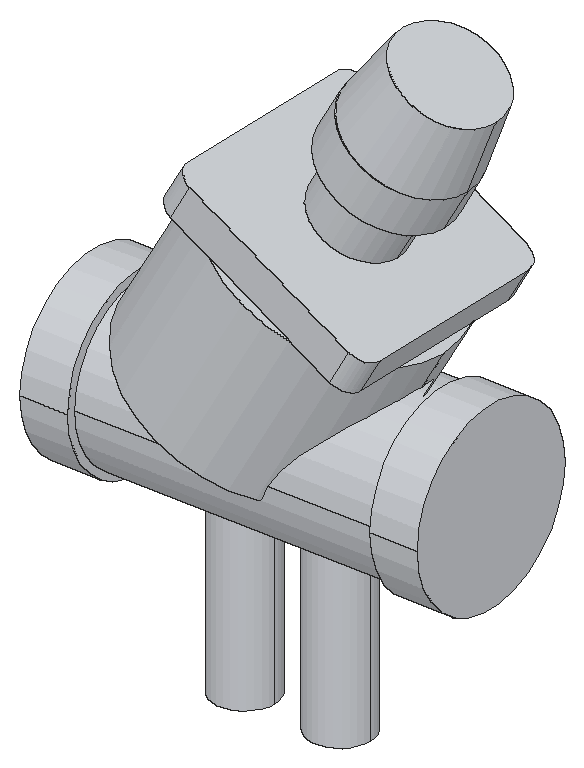
Revit family "OPTIMA_Compact_Plus_MM_DN32_5,5_RFA_2018", category Pipe Accessories, Revit 2018
Family settings
  Round Connector Dimension = Use Diameter
  Part Type = Valve - Breaks Into
  Work Plane-Based = No
  Always vertical = Yes
  Cut with Voids When Loaded = No
  Shared = No
Parameters (values of type "OPTIMA Compact Plus DN32 M-M 5.5mm")
  magiProductId = "ffa5e363716249e69711c5a01860df"
  magiProductFamilyId = "3f7bf62c6d3e4202b9bf465282540d"
  magiPartTypeId = 304
  isMeasuringValve [instance] = no
  ang2D [instance] = 0.00°
  Z = 1 mm
  X = 13 mm
  W2D = 32 mm
  VersionID = "2.0/2018.8.28.1/FRESE_OPTIMA-COMPACT-MM_001"
  Use Minimum Symbol Size [instance] = yes
  URL = "www.hydronic.cz"
  Type Comments = "vnější závit; PN25; 0~120°C, s měřením"
  R9 = 8 mm
  R8 = 14 mm
  R7 = 17 mm
  R6 = 12 mm
  R5 = 5 mm
  R4 = 29 mm
  R3 = 31.5 mm
  R2 = 22 mm
  R1 = 24 mm
  QmdConnectorList = "301;D;302;D"
  Productdata [instance] = ""
  PLG0 = yes
  Manufacturer = "Hydronic Systems Prague s.r.o."
  MC Product Code = "53-1333  (6/4\" M-M; 5.5mm; Qmin-dpmin 550l/h-17.9kPa; Qmax-dpmin 4001l/h-28.0kPa; dpmax 800kPa)"
  MC Piping Given Pressure Drop [instance] = 0.0 Pa
  LL = 52 mm
  L3 = 12.5 mm
  L2D_Min = 3048 mm
  L2D = 104 mm
  L2 = 79.04 mm
  L1__ve = -L1  # -12.48 mm
  L1 = 12.48 mm
  H6__ve = -H6  # -66 mm
  H6 = 66 mm
  H5 = 20 mm
  H4 = 12 mm
  H3 = 16 mm
  H2 = 10 mm
  H1 = 46 mm
  Description = "Tlakově nezávislý 2-cestný regulační vyvažovací ventil (PICV)"
  D = 32 mm
  A = 30.00°
Types (8, lengths in mm): name | magiProductId | Z | X | R4 | R3 | R2 | R1 | MC Product Code | LL | L3 | L2 | L1__ve | L1 | H6__ve | H6 | H5 | H3 | H2 | H1 | D
  OPTIMA Compact Plus DN32 M-M 5.5mm | "ffa5e363716249e69711c5a01860df" | 1 | 13 | 29 | 31.5 | 22 | 24 | "53-1333  (6/4\" M-M; 5.5mm; Qmin-dpmin 550l/h-17.9kPa; Qmax-dpmin 4001l/h-28.0kPa; dpmax 800kPa)" | 52 | 12.5 | 79.04 | -12.48 | 12.48 | -66 | 66 | 20 | 16 | 10 | 46 | 32
  OPTIMA Compact Plus DN15 M-M 2.5mm | "744f5c1a8b784a0caf7e95e8856504" | 0 | 7 | 19 | 19 | 12 | 13 | "53-1324  (3/4\" M-M; 2.5mm; Qmin-dpmin 100l/h-14.9kPa; Qmax-dpmin 575l/h-18.5kPa; dpmax 800kPa)" | 32.5 | 11 | 49.4 | -7.8 | 7.8 | -55 | 55 | 20 | 18 | 8 | 26 | 15
  OPTIMA Compact Plus DN15 M-M 5.0mm | "cc68fe6008154c3392e26a3dfeb2d1" | 0 | 7 | 19 | 19 | 12 | 13 | "53-1325  (3/4\" M-M; 5.0mm; Qmin-dpmin 220l/h-16.0kPa; Qmax-dpmin 1330l/h-21.6kPa; dpmax 800kPa)" | 32.5 | 11 | 49.4 | -7.8 | 7.8 | -55 | 55 | 20 | 18 | 8 | 26 | 15
  OPTIMA Compact Plus DN20 M-M 5.0mm | "af4b706c92c34122b2cf0a056ee45d" | 0 | 10 | 19 | 19 | 13.5 | 16.5 | "53-1328  (1\" M-M; 5.0mm; Qmin-dpmin 220l/h-16.0kPa; Qmax-dpmin 1330l/h-21.6kPa; dpmax 800kPa)" | 35 | 11 | 53.2 | -8.4 | 8.4 | -58.5 | 58.5 | 20 | 18 | 8 | 26 | 20
  OPTIMA Compact Plus DN20 M-M 5.5mm | "3e0f5dc7d8ae4d97894bd6f679fd3a" | 0 | 10 | 19 | 19 | 13.5 | 16.5 | "53-1331  (1\" M-M; 5.5mm; Qmin-dpmin 300l/h-17.8kPa; Qmax-dpmin 1800l/h-40.0kPa; dpmax 800kPa)" | 35 | 11 | 53.2 | -8.4 | 8.4 | -58.5 | 58.5 | 20 | 18 | 8 | 26 | 20
  OPTIMA Compact Plus DN25 M-M 5.5mm | "30c02b6104a34c7a9c49bd2b7417bc" | 0 | 13 | 29 | 31.5 | 18.5 | 21 | "53-1332  (5/4\" M-M; 5.5mm; Qmin-dpmin 600l/h-17.3kPa; Qmax-dpmin 3609l/h-23.0kPa; dpmax 800kPa)" | 52 | 12.5 | 79.04 | -12.48 | 12.48 | -63 | 63 | 20 | 16 | 10 | 43 | 25
  OPTIMA Compact Plus DN10 M-M 2.5mm | "273b30465bdd4e038d4ed21de5046f" | 0 | 7 | 19 | 19 | 9 | 10.5 | "53-1320  (1/2\" M-M; 2.5mm; Qmin-dpmin 30l/h-14.3kPa; Qmax-dpmin 200l/h-15.8kPa; dpmax 800kPa)" | 32.5 | 11 | 49.4 | -7.8 | 7.8 | -52.5 | 52.5 | 17 | 18 | 8 | 30 | 10
  OPTIMA Compact Plus DN10 M-M 5.0mm | "05e83065d4b14c0ea9b5a56fcd5d4f" | 0 | 7 | 19 | 19 | 9 | 10.5 | "53-1329  (1/2\" M-M; 5.0mm; Qmin-dpmin 65l/h-14.6kPa; Qmax-dpmin 370l/h-17.2kPa; dpmax 800kPa)" | 32.5 | 11 | 49.4 | -7.8 | 7.8 | -52.5 | 52.5 | 17 | 18 | 8 | 30 | 10
Reference planes
  plane 1 "Center (Front/Back)": y = 0
  plane 2 "XYPLANE": z = 0
  plane 3 "Center (Left/Right)": x = 0
  plane 4 "267": x = 12.5
  plane 5 "266": x = -12.5
  plane 6 "252": through (-597.019, 0, 465.933) normal (0.5, 0, 0.866)
  plane 7 "250": through (-607.019, 0, 448.612) normal (0.5, 0, 0.866)
  plane 8 "248": through (-613.019, 0, 438.22) normal (0.5, 0, 0.866)
  plane 9 "245": through (-621.019, 0, 424.363) normal (0.5, 0, 0.866)
  plane 10 "241": through (338.627, 0, 670.519) normal (0.866, 0, -0.5)
  plane 11 "240": through (388.856, 0, 641.519) normal (0.866, 0, -0.5)
  plane 12 "239": y = -29
  plane 13 "238": y = 29
  plane 14 "237": through (-626.019, 0, 415.703) normal (0.5, 0, 0.866)
  plane 15 "235": through (-649.019, 0, 375.866) normal (0.5, 0, 0.866)
  plane 16 "231": y = 0
  plane 17 "230": through (363.742, 0, 656.019) normal (0.866, 0, -0.5)
  plane 18 "211": x = -39.52
  plane 19 "204": x = 52
  plane 20 "203": x = -52
  plane 21 "202": x = 0
  plane 22 "201": z = 0
  plane 23 "200": y = 0
  plane 24 "227XY": through (-649.519, 0, 375) normal (0.5, 0, 0.866)
  plane 25 "227XZ": y = 0
  plane 26 "227YZ": through (375, 0, 649.519) normal (0.866, 0, -0.5)
Forms (mm)
  Extrusion 1, solid, visible <- "PLG0"
    sketch origin (-750, 0, 0) x (1, 0, 0) y (0, 1, 0)
      loop
        circle (762.5, 0) r 8
    from 0 to -66 <- "H6__ve"
  Extrusion 2, solid, visible <- "PLG0"
    sketch origin (-750, 0, 0) x (1, 0, 0) y (0, 1, 0)
      loop
        circle (737.5, 0) r 8
    from 0 to -66 <- "H6__ve"
  Blend 3, solid
    base sketch origin (-607.019, 0, 448.612) x (0.866025, 0, -0.5) y (0, 1, 0)
      loop
        circle (737, 0) r 17
    top sketch origin (-607.019, 0, 448.612) x (0.866025, 0, -0.5) y (0, 1, 0)
      loop
        circle (737, 0) r 14
    from 0 to 20
  Extrusion 4, solid
    sketch origin (-613.019, 0, 438.22) x (0.866025, 0, -0.5) y (0, 1, 0)
      loop
        circle (737, 0) r 17
    from 0 to 12 <- "H4"
  Extrusion 5, solid
    sketch origin (-621.019, 0, 424.363) x (0.866025, 0, -0.5) y (0, 1, 0)
      loop
        circle (737, 0) r 12
    from 0 to 16 <- "H3"
  Extrusion 6, solid
    sketch origin (-626.019, 0, 415.703) x (0.866025, 0, -0.5) y (0, 1, 0)
      loop
        arc (713, 29) -> (709.464, 27.536) -> (708, 24) r 5
        line (708, 24) -> (708, -24)
        arc (708, -24) -> (709.464, -27.536) -> (713, -29) r 5
        line (713, -29) -> (761, -29)
        arc (761, -29) -> (764.536, -27.536) -> (766, -24) r 5
        line (766, -24) -> (766, 24)
        arc (766, 24) -> (764.536, 27.536) -> (761, 29) r 5
        line (761, 29) -> (713, 29)
    from 0 to 10 <- "H2"
  Extrusion 7, solid
    sketch origin (-649.019, 0, 375.866) x (0.866025, 0, -0.5) y (0, 1, 0)
      loop
        circle (737, 0) r 31.5
    from 0 to 46 <- "H1"
  Extrusion 8, solid
    sketch origin (-39.52, -750, 0) x (0, 1, 0) y (0, 0, 1)
      loop
        circle (750, 0) r 22
    from 0 to 79.04 <- "L2"
  Extrusion 9, solid
    sketch origin (52, -750, 0) x (0, 1, 0) y (0, 0, 1)
      loop
        circle (750, 0) r 24
    from 0 to -12.48 <- "L1__ve"
  Extrusion 10, solid
    sketch origin (-52, -750, 0) x (0, 1, 0) y (0, 0, 1)
      loop
        circle (750, 0) r 24
    from 0 to 12.48 <- "L1"
  Extrusion 11, solid, not visible
    sketch origin (52, -750, 0) x (0, 1, 0) y (0, 0, 1)
      loop
        circle (750, 0) r 10
    from 0 to -10
  Extrusion 12, solid, not visible
    sketch origin (-52, -750, 0) x (0, 1, 0) y (0, 0, 1)
      loop
        circle (750, 0) r 10
    from 0 to 10
Lines and regions (mm)
  reference lines, not visible
    curve 1: circle (2, 2, 0) r 1 normal (0, 0, 1)
Text (mm)
  text "© Progman Oy, all rights reserved" at (-472.209, -2482.653, 0), in view "Ref. Level"
Dimensions and locks
  plane 1 "Center (Front/Back)" to curve 1 = 2 mm
  "L3": plane 3 "Center (Left/Right)" to plane 4 "267"
  "L3": plane 3 "Center (Left/Right)" to plane 5 "266"
  "H5": plane 7 "250" to plane 6 "252"
  "H4": plane 8 "248" to plane 7 "250"
  "H3": plane 9 "245" to plane 8 "248"
  "H2": plane 14 "237" to plane 9 "245"
  "R4": plane 17 "230" to plane 10 "241"
  "R4": plane 17 "230" to plane 11 "240"
  "R4": plane 23 "200" to plane 12 "239"
  "R4": plane 23 "200" to plane 13 "238"
  "H1": plane 15 "235" to plane 14 "237"
  "Z": plane 24 "227XY" to plane 15 "235"
  locked: plane 23 "200" to plane 16 "231"
  "X": plane 26 "227YZ" to plane 17 "230"
  "L1": plane 20 "203" to plane 18 "211"
  "LL": plane 3 "Center (Left/Right)" to plane 19 "204"
  "LL": plane 3 "Center (Left/Right)" to plane 20 "203"
  locked: plane 3 "Center (Left/Right)" to plane 21 "202"
  locked: plane 2 "XYPLANE" to plane 22 "201"
  locked: plane 1 "Center (Front/Back)" to plane 23 "200"
  Extrusion 6 sketch curve to Extrusion 6 sketch curve = 0 mm  (x16)
  "R9": radius of Extrusion 1 sketch curve
  "R9": radius of Extrusion 2 sketch curve
  "R8": radius of Blend 3 sketch curve
  "R7": radius of Blend 3 sketch curve
  "R7": radius of Extrusion 4 sketch curve
  "R6": radius of Extrusion 5 sketch curve
  "R5": radius of Extrusion 6 sketch curve  (x4)
  "R3": radius of Extrusion 7 sketch curve
  "R2": radius of Extrusion 8 sketch curve
  "R1": radius of Extrusion 9 sketch curve
  "R1": radius of Extrusion 10 sketch curve
  aligned and locked: level to plane 2 "XYPLANE"
  aligned and locked: plane 4 "267" to Extrusion 1 sketch curve
  aligned and locked: plane 23 "200" to Extrusion 1 sketch curve
  aligned and locked: plane 5 "266" to Extrusion 2 sketch curve
  aligned and locked: plane 23 "200" to Extrusion 2 sketch curve
  aligned and locked: plane 16 "231" to Blend 3 sketch curve  (x2)
  aligned and locked: Blend 3 sketch curve to plane 17 "230"  (x2)
  aligned and locked: plane 6 "252" to Blend 3
  aligned and locked: plane 16 "231" to Extrusion 4 sketch curve
  aligned and locked: Extrusion 4 sketch curve to plane 17 "230"
  aligned and locked: plane 16 "231" to Extrusion 5 sketch curve
  aligned and locked: Extrusion 5 sketch curve to plane 17 "230"
  aligned and locked: Extrusion 6 sketch curve to plane 10 "241"
  aligned and locked: Extrusion 6 sketch curve to plane 12 "239"
  aligned and locked: Extrusion 6 sketch curve to plane 11 "240"
  aligned and locked: plane 13 "238" to Extrusion 6 sketch curve
  aligned and locked: plane 16 "231" to Extrusion 7 sketch curve
  aligned and locked: Extrusion 7 sketch curve to plane 17 "230"
  aligned and locked: plane 22 "201" to Extrusion 8 sketch curve
  aligned and locked: Extrusion 8 sketch curve to plane 23 "200"
  aligned and locked: plane 22 "201" to Extrusion 9 sketch curve
  aligned and locked: Extrusion 9 sketch curve to plane 23 "200"
  aligned and locked: plane 22 "201" to Extrusion 10 sketch curve
  aligned and locked: Extrusion 10 sketch curve to plane 23 "200"
  aligned and locked: plane 22 "201" to Extrusion 11 sketch curve
  aligned and locked: Extrusion 11 sketch curve to plane 23 "200"
  aligned and locked: plane 22 "201" to Extrusion 12 sketch curve
  aligned and locked: Extrusion 12 sketch curve to plane 23 "200"
Automatic sketch dimensions
  plane 1 "Center (Front/Back)" to Extrusion 11 sketch curve = 10 mm
  plane 1 "Center (Front/Back)" to Extrusion 12 sketch curve = 10 mm
  plane 3 "Center (Left/Right)" to curve 1 = 2 mm
  radius of curve 1 = 1 mm
Connectors
  piping at (-52, 0, 0), diameter 32, driven by "D"
    settings: on Extrusion 12, index 1, connector inside diameter 609.6 mm, connector length 0 mm, flow factor 0, pipe flow 0.0 L/s, pressure drop 0.0 Pa, fitting loss kfactor 0, connector angle 0.00°, fixture units 0, engagement length 0 mm, angle of deflection 0.00°, flow configuration 0, flow direction 0, fitting loss method 0, system type 29, joint type 0, gender type 0, connector reference index 2, connector utility 0, adjustable connector no, is connector primary yes, connector description ""
  piping at (52, 0, 0), diameter 32, driven by "D"
    settings: on Extrusion 11, index 2, connector inside diameter 609.6 mm, connector length 0 mm, flow factor 0, pipe flow 0.0 L/s, pressure drop 0.0 Pa, fitting loss kfactor 0, connector angle 0.00°, fixture units 0, engagement length 0 mm, angle of deflection 0.00°, flow configuration 0, flow direction 0, fitting loss method 0, system type 29, joint type 0, gender type 0, connector reference index 1, connector utility 0, adjustable connector no, is connector primary no, connector description ""
